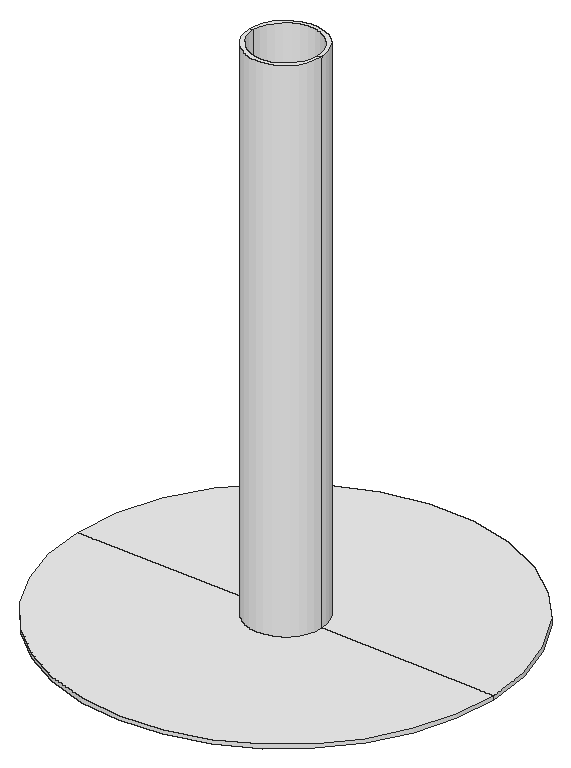
Revit family "Plumbing_Other-Plumbing_Menzies-Metal_Plumbing-Stack-Spun-Aluminum-Flat-Welded (1)", category Plumbing Fixtures, host Face, Revit 2018
Family settings
  Host = Face
  Round Connector Dimension = Use Diameter
  Part Type = Normal
  OmniClass Number = 23.70.50.21.24.11
  OmniClass Title = Roof Waste Water Drains
  Cut with Voids When Loaded = No
  Shared = No
  Room Calculation Point = No
Parameters (values of type "Refer to Type Catalog")
  Weight = 0.75 lbf
  Waste Connection = no
  Vent Connection = no
  URL = "https://www.menzies-metal.com/flat-roofing/plumbing-stack-aluminum-flat-welded/"
  Product data url = "https://www.bimobject.com/menzies-metal/product/plumbing-stack-aluminum-flat-weld"
  Product Material = Metal - Menzies Metal Products - Aluminum
  Product Guid = "b761c858-b029-4bcb-8fab-69c7231bbcf0"
  Pipe Length = 12"
  Pipe Diameter = 1 1/2"
  Note [instance] = "Availalable caps include the Menzies Econo caps and Vandalproof caps."  # constant formula
  Model = "400-3110"
  Manufacturer = "Menzies Metal Products"  # constant formula
  HW Connection = no
  Edition number = 1
  Drain Flow = 0 GPM
  Description = "Plumbing Stack Spun Aluminum - Flat Welded"  # constant formula
  Default Elevation = 48"
  Cap [instance] = Plumbing_Other-Plumbing_Menzies-Metal_Cap : No Cap
  CW Connection = no
  Assembly Code = "D2040200"
Reference planes (in)
  plane 1 "Center (Front/Back)": y = 0
  plane 2: z = 0
  plane 3 "Center (Left/Right)": x = 0
  plane 4: x = -0.75
  plane 5: x = 0.75
  plane 6: z = 12
  plane 7: x = -0.75
  plane 8: x = 0.75
  plane 9: z = 12
Forms (in)
  Revolve 1, solid, material "Metal - Menzies Metal Products - Aluminum", detail levels medium+fine
    sketch origin (0, 0, 0) x (1, 0, 0) y (0, 0, 1)
      loop
        line (-4.84, 0) -> (-0.75, 0) -> (-0.75, 12) -> (-0.84, 12) -> (-0.84, 0.09) -> (-4.84, 0.09) -> (-4.84, 0)
      axis (0, 12) -> (0, 0)
    angle from 0 to 360
  Revolve 2, solid, material "Metal - Menzies Metal Products - Aluminum", detail levels coarse
    sketch origin (0, 0, 0) x (1, 0, 0) y (0, 0, 1)
      loop
        line (0, 12) -> (-0.84, 12) -> (-0.84, 0.09) -> (-4.84, 0.09) -> (-4.84, 0) -> (0, 0) -> (0, 12)
      axis (0, 12) -> (0, 0)
    angle from 0 to 360
Lines and regions (in)
  Masking region 1
    outline origin (0, 0, 0) x (1, 0, 0) y (0, 1, 0)
      loop
        circle (0, 0) r 4.84
  symbolic lines
    curve 1: arc (-0.84, 0, 0) -> (0, 0.84, 0) -> (0.84, 0, 0) r 0.84
    curve 2: arc (0.84, 0, 0) -> (0, -0.84, 0) -> (-0.84, 0, 0) r 0.84
    curve 3: arc (0.75, 0, 0) -> (0, -0.75, 0) -> (-0.75, 0, 0) r 0.75
    curve 4: arc (-0.75, 0, 0) -> (0, 0.75, 0) -> (0.75, 0, 0) r 0.75
Dimensions and locks (in)
  Revolve 1 sketch curve to Revolve 1 sketch curve = 0.09"
  equal spacing: plane 5, plane 3 "Center (Left/Right)", plane 4
  "Pipe Diameter": plane 5 to plane 4
  "Pipe Length": plane 6 to level
  Revolve 2 sketch curve to Revolve 2 sketch curve = 4"
  "Pipe Diameter": plane 8 to plane 7
  equal spacing: plane 8, plane 3 "Center (Left/Right)", plane 7
  Revolve 2 sketch curve to plane 7 = 0.09"
  "Pipe Length": plane 9 to level
  aligned and locked: plane 2 to host face
  aligned and locked: level to host face
  aligned and locked: Revolve 1 sketch curve to plane 3 "Center (Left/Right)"
  aligned and locked: plane 6 to Revolve 1 sketch curve
  aligned and locked: Revolve 2 sketch curve to Revolve 1
  aligned and locked: Revolve 2 sketch curve to level
  aligned and locked: plane 3 "Center (Left/Right)" to Revolve 2 sketch curve
  aligned and locked: plane 4 to Revolve 1 sketch curve
  aligned and locked: Masking region 1 sketch curve to Revolve 2  (x2)
  aligned and locked: curve 1 to Revolve 2
  aligned and locked: curve 2 to Revolve 2
  aligned and locked: curve 3 to Revolve 1
  aligned and locked: curve 4 to Revolve 1
  aligned and locked: plane 3 "Center (Left/Right)" to nested 1
  aligned and locked: nested 1 to plane 1 "Center (Front/Back)"
Automatic sketch dimensions
  host sketch curve to host sketch curve = 94.66418"
  host sketch curve to host sketch curve = 96"
  Revolve 1 sketch curve to level = 0"
  Revolve 1 sketch curve to Revolve 1 sketch curve = 4"
  level to Revolve 1 sketch curve = 0.09"
  Revolve 1 sketch curve to level = 24"
  plane 6 to Revolve 1 sketch curve = 90.71882"
  Revolve 2 sketch curve to plane 3 "Center (Left/Right)" = 0"
  level to Revolve 2 sketch curve = 0.09"
  Revolve 2 sketch curve to level = 24"
  plane 9 to Revolve 2 sketch curve = 90.71882"
Nested families (in)
  nested 1: "Plumbing_Other-Plumbing_Menzies-Metal_Cap" at (0, 0, 12) x (0, 1, 0) z (0, 0, 1), Product Material <- "Product Material", Pipe Diameter <- "Pipe Diameter", type <- "Cap", type "No Cap"
    with Weight 0.00 lbf, SKU "", Product Material Metal - Menzies Metal Products - Aluminum, Pipe Diameter 1 1/2", C_2 0.75", C 1.5", B_8 0.40625", B 3.25", Array 8, A_2 1.19", A 2.38"
Definition of nested family "Plumbing_Other-Plumbing_Menzies-Metal_Cap"
  Parameters (values of type "Econo Cap")
    Weight [instance] = if(and(not(Econo), not(Vandalproof)), 0.00 lbf, size_lookup(Lookup Table, "W", 0.00 lbf, Pipe Diameter))  # 0.28 lbf
    Waste Connection = no
    Vent Connection = no
    Vandalproof = no
    URL = "https://www.menzies-metal.com/"
    SKU [instance] = if(and(not(Econo), not(Vandalproof)), "", size_lookup(Lookup Table, "", "", Pipe Diameter))  # "400-3138"
    Product data url = ""
    Product Material [instance] = none
    Product Guid = ""
    Pipe Diameter [instance] = 1 1/2"
    Model = "400-3138"
    Manufacturer = "Menzies Metal Products"  # constant formula
    Lookup Table = "Econo Cap"
    HW Connection = no
    Edition number = 1
    Econo = yes
    Drain Flow = 0 GPM
    Description = "Econo Cap Spun Aluminum"
    Default Elevation = 48"
    CW Connection = no
    C_2 [instance] = C / 2  # 0.75"
    C [instance] = size_lookup(Lookup Table, "C", 1.13", Pipe Diameter)  # 1.5"
    B_8 [instance] = B / 8  # 0.40625"
    B [instance] = size_lookup(Lookup Table, "B", 3.25", Pipe Diameter)  # 3.25"
    Assembly Code = "D2040200"
    Array [instance] = if(Pipe Diameter = 1.25", 7, if(Pipe Diameter = 1.5", 8, if(Pipe Diameter = 2", 9, if(Pipe Diameter = 3", 10, if(Pipe Diameter = 4", 12, if(Pipe Diameter = 5", 14, if(Pipe Diameter = 6", 16, 6)))))))  # 8
    A_2 [instance] = A / 2  # 1.19"
    A [instance] = size_lookup(Lookup Table, "A", 2", Pipe Diameter)  # 2.38"
  Types (3): name | Weight | Vandalproof | URL | SKU | Model | Lookup Table | Econo | Description
    Econo Cap | 0.28 lbf | no | "https://www.menzies-metal.com/" | "400-3138" | "400-3138" | "Econo Cap" | yes | "Econo Cap Spun Aluminum"
    Vandalproof Cap | 0.33 lbf | yes | "https://www.menzies-metal.com/" | "400-4210" | "400-4210" | "Vandalproof Cap" | yes | "Vandalproof Cap Aluminum"
    No Cap | 0.00 lbf | no | "" | "" | "" | "Econo Cap" | no | ""
  Reference planes (in)
    plane 1 "Center (Front/Back)": y = 0
    plane 2: z = 0
    plane 3 "Center (Left/Right)": x = 0
    plane 4: z = 0.05
    plane 5: z = -0.35625
    plane 6: z = -0.7625
    plane 7: z = -2.79375
    plane 8: z = -2.3875
    plane 9: z = -3.2
    plane 10: z = -3.2
    plane 11: z = 3.3
    plane 12: z = 0.05
    plane 13: z = 0.40625
    plane 14: z = 0.20312
  Forms (in)
    Extrusion 1, solid
      sketch origin (0, 0, 0) x (1, 0, 0) y (0, 1, 0)
        loop
          line (-48, 48) -> (-48, -48) -> (46.66418, -48) -> (46.66418, 48) -> (-48, 48)
      from 0 to -12
    Revolve 2, solid, material <- "Product Material", visible <- "Econo"
      sketch origin (0, 0, 0) x (1, 0, 0) y (0, 0, 1)
        loop
          line (-1.49, -3.2) -> (-1.44, -3.2) -> (-1.44, -2.79375) -> (-1.19, -2.3875) -> (-1.19, 0) -> (-0.8, 0) -> (-0.8, -0.7625) -> (-0.75, -0.7625) -> (-0.75, 0.05) -> (-1.24, 0.05) -> (-1.24, -2.3875) -> (-1.49, -2.79375) -> (-1.49, -3.2)
        axis (0, 0.05) -> (0, -3.2)
      angle from 0 to 360
    Revolve 3, solid, material <- "Product Material", visible <- "Vandalproof"
      sketch origin (0, 0, 0) x (1, 0, 0) y (0, 0, 1)
        loop
          line (0, 3.3) -> (-1.24, 3.3) -> (-1.24, 0.40625) -> (-1.29, 0.05) -> (-1.29, -0.2) -> (-1.24, -0.2) -> (-1.24, 0.05) -> (-1.19, 0.40625) -> (-1.19, 3.25) -> (0, 3.25) -> (0, 3.3)
        axis (0, 3.3) -> (0, -0.2)
      angle from 0 to 360
    Extrusion 4, void
      sketch origin (0, 0, 0) x (1, 0, 0) y (0, 0, 1)
        loop
          line (-0.19967, 2.68677) -> (-0.19967, 0.71105)
          arc (-0.19967, 0.71105) -> (0, 0.51138) -> (0.19967, 0.71105) r 0.19967
          line (0.19967, 0.71105) -> (0.19967, 2.68677)
          arc (0.19967, 2.68677) -> (0, 2.88644) -> (-0.19967, 2.68677) r 0.19967
      from 0 to 12
    Extrusion 5, void
      sketch origin (0, 0, 0) x (0.707107, -0.707107, 0) y (0, 0, 1)
        loop
          line (-0.19967, 2.68677) -> (-0.19967, 0.71105)
          arc (-0.19967, 0.71105) -> (0, 0.51138) -> (0.19967, 0.71105) r 0.19967
          line (0.19967, 0.71105) -> (0.19967, 2.68677)
          arc (0.19967, 2.68677) -> (0, 2.88644) -> (-0.19967, 2.68677) r 0.19967
      from 0 to 12
    Extrusion 6, void
      sketch origin (0, 0, 0) x (0.707107, 0.707107, 0) y (0, 0, 1)
        loop
          line (-0.19967, 2.68677) -> (-0.19967, 0.71105)
          arc (-0.19967, 0.71105) -> (0, 0.51138) -> (0.19967, 0.71105) r 0.19967
          line (0.19967, 0.71105) -> (0.19967, 2.68677)
          arc (0.19967, 2.68677) -> (0, 2.88644) -> (-0.19967, 2.68677) r 0.19967
      from 0 to 12
    Extrusion 7, void
      sketch origin (0, 0, 0) x (0, 1, 0) y (0, 0, 1)
        loop
          line (-0.19967, 2.68677) -> (-0.19967, 0.71105)
          arc (-0.19967, 0.71105) -> (0, 0.51138) -> (0.19967, 0.71105) r 0.19967
          line (0.19967, 0.71105) -> (0.19967, 2.68677)
          arc (0.19967, 2.68677) -> (0, 2.88644) -> (-0.19967, 2.68677) r 0.19967
      from 0 to 12
    Extrusion 8, void
      sketch origin (0, 0, 0) x (-0.707107, 0.707107, 0) y (0, 0, 1)
        loop
          line (-0.19967, 2.68677) -> (-0.19967, 0.71105)
          arc (-0.19967, 0.71105) -> (0, 0.51138) -> (0.19967, 0.71105) r 0.19967
          line (0.19967, 0.71105) -> (0.19967, 2.68677)
          arc (0.19967, 2.68677) -> (0, 2.88644) -> (-0.19967, 2.68677) r 0.19967
      from 0 to 12
    Extrusion 9, void
      sketch origin (0, 0, 0) x (-1, 0, 0) y (0, 0, 1)
        loop
          line (-0.19967, 2.68677) -> (-0.19967, 0.71105)
          arc (-0.19967, 0.71105) -> (0, 0.51138) -> (0.19967, 0.71105) r 0.19967
          line (0.19967, 0.71105) -> (0.19967, 2.68677)
          arc (0.19967, 2.68677) -> (0, 2.88644) -> (-0.19967, 2.68677) r 0.19967
      from 0 to 12
    Extrusion 10, void
      sketch origin (0, 0, 0) x (-0.707107, -0.707107, 0) y (0, 0, 1)
        loop
          line (-0.19967, 2.68677) -> (-0.19967, 0.71105)
          arc (-0.19967, 0.71105) -> (0, 0.51138) -> (0.19967, 0.71105) r 0.19967
          line (0.19967, 0.71105) -> (0.19967, 2.68677)
          arc (0.19967, 2.68677) -> (0, 2.88644) -> (-0.19967, 2.68677) r 0.19967
      from 0 to 12
    Extrusion 11, void
      sketch origin (0, 0, 0) x (0, -1, 0) y (0, 0, 1)
        loop
          line (-0.19967, 2.68677) -> (-0.19967, 0.71105)
          arc (-0.19967, 0.71105) -> (0, 0.51138) -> (0.19967, 0.71105) r 0.19967
          line (0.19967, 0.71105) -> (0.19967, 2.68677)
          arc (0.19967, 2.68677) -> (0, 2.88644) -> (-0.19967, 2.68677) r 0.19967
      from 0 to 12
  Cuts and joins
    Extrusion 4, Extrusion 5, Extrusion 6, Extrusion 7, Extrusion 8, Extrusion 9, Extrusion 10, Extrusion 11 cuts Revolve 3
  Dimensions and locks (in)
    locked: Revolve 2 sketch curve to Revolve 2 sketch curve at 0.05  (x4)
    "C_2": Revolve 2 sketch curve to Revolve 2 sketch curve
    "A_2": Revolve 2 sketch curve to Revolve 2 sketch curve
    "B_8": plane 4 to plane 5
    "B_8": plane 5 to plane 6
    locked: Revolve 2 sketch curve to Revolve 2 sketch curve at 0.25
    "B": plane 4 to plane 9
    "B_8": plane 7 to plane 9
    "B_8": plane 8 to plane 7
    "B": plane 11 to plane 12
    "B": plane 12 to plane 10
    "A_2": plane 3 "Center (Left/Right)" to Revolve 3 sketch curve
    "B_8": plane 13 to Extrusion 1
    equal spacing: plane 13, plane 14, plane 2
    locked: plane 12 to Revolve 3 sketch curve at 0.25
    locked: Revolve 3 sketch curve to Revolve 3 sketch curve at 0.05  (x3)
    locked: plane 11 to Revolve 3 sketch curve at 0.05
    aligned and locked: plane 2 to Extrusion 1
    aligned and locked: level to Extrusion 1
    aligned and locked: Revolve 2 sketch curve to plane 3 "Center (Left/Right)"
    aligned and locked: Revolve 2 sketch curve to plane 6
    aligned and locked: plane 8 to Revolve 2 sketch curve  (x2)
    aligned and locked: plane 7 to Revolve 2 sketch curve  (x2)
    aligned and locked: plane 4 to Revolve 2 sketch curve
    aligned and locked: plane 12 to Revolve 2
    aligned and locked: plane 3 "Center (Left/Right)" to Revolve 3 sketch curve
    aligned and locked: Revolve 3 sketch curve to plane 3 "Center (Left/Right)"  (x2)
    aligned and locked: plane 11 to Revolve 3 sketch curve
  Automatic sketch dimensions
    Extrusion 1 sketch curve to Extrusion 1 sketch curve = 94.66418"
    Extrusion 1 sketch curve to Extrusion 1 sketch curve = 96"
    Revolve 2 sketch curve to level = 3.2"  (x2)
    plane 4 to Revolve 2 sketch curve = 0.25"
    Revolve 3 sketch curve to level = 0"
    Revolve 3 sketch curve to plane 12 = 0"  (x2)
    Revolve 3 sketch curve to plane 13 = 0"  (x2)
    plane 11 to Revolve 3 sketch curve = 0.75"
    Extrusion 4 sketch curve to Extrusion 4 sketch curve = 0.19967"
    Extrusion 4 sketch curve to Extrusion 4 sketch curve = 1.97572"
    Extrusion 5 sketch curve to Extrusion 5 sketch curve = 0.19967"
    Extrusion 5 sketch curve to Extrusion 5 sketch curve = 1.97572"
    Extrusion 6 sketch curve to Extrusion 6 sketch curve = 0.19967"
    Extrusion 6 sketch curve to Extrusion 6 sketch curve = 1.97572"
    Extrusion 7 sketch curve to Extrusion 7 sketch curve = 0.19967"
    Extrusion 7 sketch curve to Extrusion 7 sketch curve = 1.97572"
    Extrusion 8 sketch curve to Extrusion 8 sketch curve = 0.19967"
    Extrusion 8 sketch curve to Extrusion 8 sketch curve = 1.97572"
    Extrusion 9 sketch curve to Extrusion 9 sketch curve = 0.19967"
    Extrusion 9 sketch curve to Extrusion 9 sketch curve = 1.97572"
    Extrusion 10 sketch curve to Extrusion 10 sketch curve = 0.19967"
    Extrusion 10 sketch curve to Extrusion 10 sketch curve = 1.97572"
    Extrusion 11 sketch curve to Extrusion 11 sketch curve = 0.19967"
    Extrusion 11 sketch curve to Extrusion 11 sketch curve = 1.97572"
